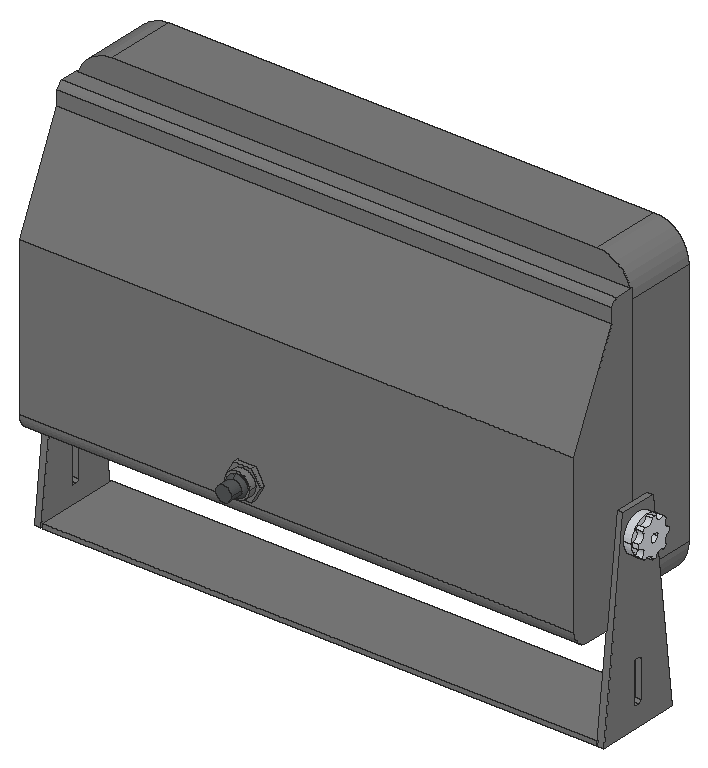
Revit family "WALL WASHER PRO_LV363WW.60", category Luminarias, Revit 2019 (continued)
Parameters (values of type "REFL_LV363WW.60")
    .59    21.93    23.28    24.62    \r\n 25.96    28.04    30.11    31.98    33.62    35.27    36.92    38.56    40.21    41.85    \r\n 43.50    44.44    45.38    46.32    47.26    48.19    49.13    50.07    50.93    51.72    \r\n 52.50    53.00    53.50    53.75    53.76    53.77    53.34    52.92    52.25    51.34    \r\n 50.43    49.30    48.18    46.90    45.48    44.05    42.62    41.20    39.77    38.34    \r\n 36.92    35.17    33.42    31.68    29.93    28.18    26.44    24.69    22.79    20.73    \r\n 18.68    17.59    16.49    15.40    14.31    13.21    12.12    11.03    9.93     8.84     \r\n 7.75     6.66     5.56     5.01     4.99     4.96     4.94     4.92     4.90     4.88     \r\n 4.86     \r\n5.45     5.93     6.42     6.91     7.40     7.89     8.38     8.87     9.75     11.02    \r\n 12.29    13.57    14.84    16.11    17.39    18.66    19.93    21.21    22.48    23.75    \r\n 25.02    26.93    28.84    30.56    32.10    33.63    35.17    36.71    38.24    39.78    \r\n 41.31    42.21    43.11    44.01    44.91    45.82    46.72    47.62    48.44    49.20    \r\n 49.95    50.42    50.90    51.14    51.14    51.15    50.73    50.32    49.68    48.81    \r\n 47.94    46.80    45.66    44.40    43.02    41.64    40.27    38.89    37.51    36.13    \r\n 34.75    33.11    31.46    29.82    28.18    26.53    24.89    23.24    21.46    19.55    \r\n 17.63    16.62    15.60    14.58    13.57    12.55    11.54    10.52    9.50     8.49     \r\n 7.47     6.45     5.44     4.92     4.91     4.90     4.89     4.88     4.87     4.86     \r\n 4.85     \r\n5.46     5.94     6.41     6.89     7.36     7.84     8.31     8.79     9.63     10.83    \r\n 12.04    13.25    14.45    15.66    16.87    18.07    19.28    20.49    21.69    22.90    \r\n 24.11    25.91    27.71    29.32    30.73    32.15    33.57    34.99    36.40    37.82    \r\n 39.24    40.11    40.98    41.85    42.73    43.60    44.47    45.34    46.15    46.89    \r\n 47.62    48.08    48.54    48.77    48.76    48.75    48.34    47.92    47.29    46.44    \r\n 45.58    44.47    43.36    42.13    40.78    39.43    38.08    36.72    35.37    34.02    \r\n 32.67    31.13    29.59    28.05    26.51    24.97    23.43    21.88    20.21    18.39    \r\n 16.58    15.64    14.70    13.77    12.83    11.90    10.96    10.02    9.09     8.15     \r\n 7.22     6.28     5.34     4.88     4.87     4.87     4.87     4.87     4.87     4.87     \r\n 4.87     \r\n5.47     5.94     6.40     6.87     7.33     7.79     8.26     8.72     9.52     10.66    \r\n 11.80    12.94    14.08    15.22    16.36    17.50    18.64    19.78    20.92    22.06    \r\n 23.20    24.91    26.62    28.13    29.44    30.74    32.05    33.36    34.66    35.97    \r\n 37.27    38.11    38.95    39.78    40.62    41.46    42.30    43.13    43.91    44.62    \r\n 45.33    45.80    46.27    46.50    46.48    46.45    46.06    45.66    45.04    44.19    \r\n 43.34    42.25    41.16    39.96    38.64    37.32    36.00    34.69    33.37    32.05    \r\n 30.73    29.28    27.83    26.38    24.92    23.47    22.02    20.57    18.98    17.26    \r\n 15.55    14.69    13.83    12.97    12.11    11.25    10.39    9.53     8.67     7.80     \r\n 6.94     6.08     5.22     4.80     4.81     4.82     4.83     4.84     4.85     4.86     \r\n 4.87     \r\n5.46     5.92     6.37     6.83     7.29     7.75     8.20     8.66     9.43     10.50    \r\n 11.57    12.65    13.72    14.80    15.87    16.94    18.02    19.09    20.16    21.24    \r\n 22.31    23.92    25.53    26.94    28.14    29.35    30.56    31.76    32.97    34.18    \r\n 35.38    36.19    37.00    37.80    38.61    39.41    40.22    41.03    41.79    42.50    \r\n 43.21    43.65    44.10    44.31    44.30    44.29    43.90    43.51    42.90    42.06    \r\n 41.22    40.16    39.09    37.91    36.63    35.34    34.05    32.76    31.48    30.19    \r\n 28.90    27.53    26.17    24.80    23.43    22.06    20.69    19.32    17.83    16.20    \r\n 14.57    13.79    13.00    12.21    11.43    10.64    9.86     9.07     8.28     7.50     \r\n 6.71     5.93     5.14     4.75     4.77     4.79     4.80     4.82     4.83     4.85     \r\n 4.87     \r\n5.47     5.92     6.36     6.81     7.26     7.71     8.15     8.60     9.33     10.33    \r\n 11.33    12.34    13.34    14.35    15.35    16.36    17.36    18.37    19.37    20.38    \r\n 21.38    22.92    24.45    25.78    26.90    28.02    29.13    30.25    31.37    32.49    \r\n 33.61    34.39    35.17    35.94    36.72    37.50    38.28    39.06    39.79    40.49    \r\n 41.19    41.62    42.05    42.27    42.28    42.28    41.90    41.51    40.90    40.07    \r\n 39.23    38.18    37.12    35.97    34.71    33.45    32.18    30.92    29.66    28.40    \r\n 27.14    25.85    24.56    23.26    21.97    20.68    19.38    18.09    16.65    15.05    \r\n 13.46    12.76    12.05    11.35    10.65    9.95     9.25     8.55     7.85     7.14     \r\n 6.44     5.74     5.04     4.70     4.73     4.75     4.77     4.80     4.82     4.85     \r\n 4.87     \r\n5.40     5.84     6.29     6.73     7.18     7.62     8.06     8.51     9.20     10.12    \r\n 11.05    11.98    12.91    13.84    14.77    15.69    16.62    17.55    18.48    19.41    \r\n 20.34    21.86    23.38    24.66    25.71    26.76    27.81    28.87    29.92    30.97    \r\n 32.02    32.76    33.50    34.24    34.98    35.73    36.47    37.21    37.92    38.60    \r\n 39.29    39.72    40.15    40.36    40.36    40.37    39.98    39.59    38.98    38.17    \r\n 37.36    36.33    35.30    34.18    32.95    31.72    30.49    29.26    28.03    26.81    \r\n 25.58    24.33    23.09    21.84    20.60    19.35    18.11    16.86    15.46    13.89    \r\n 12.32    11.70    11.09    10.47    9.85     9.24     8.62     8.01     7.39     6.78     \r\n 6.16     5.54     4.93     4.64     4.67     4.70     4.74     4.77     4.81     4.84     \r\n 4.87     \r\n5.45     5.88     6.31     6.74     7.17     7.60     8.03     8.46     9.10     9.95     \r\n 10.80    11.65    12.50    13.35    14.20    15.05    15.90    16.75    17.60    18.45    \r\n 19.31    20.80    22.29    23.53    24.53    25.53    26.53    27.52    28.52    29.52    \r\n 30.52    31.23    31.94    32.65    33.35    34.06    34.77    35.48    36.17    36.84    \r\n 37.51    37.92    38.34    38.55    38.55    38.56    38.19    37.83    37.24    36.42    \r\n 35.61    34.60    33.59    32.48    31.29    30.10    28.91    27.72    26.52    25.33    \r\n 24.14    22.91    21.68    20.46    19.23    18.00    16.78    15.55    14.22    12.79    \r\n 11.36    10.81    10.27    9.72     9.18     8.64     8.09     7.55     7.00     6.46     \r\n 5.91     5.37     4.83     4.58     4.62     4.66     4.71     4.75     4.80     4.84     \r\n 4.89     \r\n5.44     5.86     6.28     6.70     7.12     7.54     7.97     8.39     8.99     9.78     \r\n 10.57    11.36    12.15    12.94    13.73    14.52    15.30    16.09    16.88    17.67    \r\n 18.46    19.79    21.13    22.28    23.26    24.24    25.22    26.20    27.18    28.17    \r\n 29.15    29.83    30.52    31.20    31.89    32.58    33.26    33.95    34.61    35.25    \r\n 35.89    36.28    36.68    36.87    36.87    36.86    36.51    36.16    35.59    34.80    \r\n 34.02    33.03    32.04    30.95    29.78    28.61    27.44    26.27    25.10    23.93    \r\n 22.76    21.53    20.31    19.09    17.87    16.65    15.43    14.21    12.99    11.76    \r\n 10.54    10.06    9.57     9.09     8.61     8.12     7.64     7.16     6.67     6.19     \r\n 5.71     5.23     4.74     4.52     4.57     4.62     4.67     4.72     4.77     4.81     \r\n 4.86     \r\n5.45     5.86     6.28     6.69     7.11     7.52     7.94     8.35     8.92     9.66     \r\n 10.39    11.12    11.86    12.59    13.32    14.06    14.79    15.52    16.26    16.99    \r\n 17.72    18.86    19.99    21.04    22.01    22.98    23.94    24.91    25.88    26.84    \r\n 27.81    28.49    29.17    29.85    30.53    31.21    31.89    32.57    33.22    33.84    \r\n 34.46    34.84    35.22    35.41    35.42    35.43    35.07    34.71    34.15    33.40    \r\n 32.64    31.67    30.70    29.63    28.46    27.29    26.12    24.95    23.79    22.62    \r\n 21.45    20.25    19.05    17.85    16.65    15.45    14.25    13.05    11.91    10.83    \r\n 9.75     9.33     8.90     8.48     8.06     7.63     7.21     6.79     6.36     5.94     \r\n 5.52     5.10     4.67     4.49     4.54     4.60     4.65     4.71     4.77     4.82     \r\n 4.88     \r\n5.44     5.84     6.24     6.64     7.04     7.44     7.85     8.25     8.79     9.47     \r\n 10.15    10.84    11.52    12.20    12.88    13.56    14.25    14.93    15.61    16.29    \r\n 16.98    18.01    19.05    20.02    20.95    21.87    22.79    23.71    24.63    25.56    \r\n 26.48    27.16    27.84    28.52    29.20    29.88    30.56    31.24    31.89    32.51    \r\n 33.13    33.52    33.91    34.11    34.12    34.13    33.77    33.41    32.86    32.11    \r\n 31.37    30.40    29.42    28.35    27.18    26.00    24.83    23.65    22.48    21.31    \r\n 20.13    18.98    17.83    16.69    15.54    14.39    13.24    12.09    11.01    10.01    \r\n 9.00     8.63     8.26     7.89     7.53     7.16     6.79     6.42     6.05     5.68     \r\n 5.31     4.94     4.57     4.42     4.48     4.55     4.62     4.68     4.75     4.82     \r\n 4.88     \r\n5.44     5.83     6.22     6.62     7.01     7.40     7.79     8.18     8.70     9.33     \r\n 9.96     10.59    11.22    11.86    12.49    13.12    13.75    14.39    15.02    15.65    \r\n 16.28    17.24    18.20    19.11    19.96    20.82    21.68    22.53    23.39    24.24    \r\n 25.10    25.80    26.49    27.19    27.88    28.58    29.27    29.97    30.62    31.23    \r\n 31.84    32.23    32.61    32.81    32.82    32.84    32.50    32.15    31.61    30.86    \r\n 30.11    29.15    28.20    27.11    25.90    24.69    23.48    22.28    21.07    19.86    \r\n 18.65    17.57    16.49    15.42    14.34    13.26    12.19    11.11    10.11    9.20     \r\n 8.28     7.96     7.65     7.33     7.01     6.70     6.38     6.07     5.75     5.44     \r\n 5.12     4.81     4.49     4.37     4.44     4.52     4.59     4.66     4.73     4.81     \r\n 4.88     \r\n5.45     5.83     6.22     6.60     6.98     7.37     7.75     8.14     8.62     9.20     \r\n 9.77     10.35    10.92    11.50    12.08    12.65    13.23    13.80    14.38    14.96    \r\n 15.53    16.44    17.35    18.18    18.94    19.70    20.45    21.21    21.97    22.72    \r\n 23.48    24.23    24.97    25.72    26.47    27.21    27.96    28.70    29.38    29.98    \r\n 30.58    30.97    31.36    31.56    31.57    31.58    31.25    30.92    30.39    29.66    \r\n 28.93    27.96    26.99    25.88    24.63    23.37    22.12    20.86    19.61    18.36    \r\n 17.10    16.12    15.13    14.15    13.16    12.18    11.20    10.21    9.27     8.38     \r\n 7.49     7.24     6.98     6.72     6.47     6.21     5.96     5.70     5.45     5.19     \r\n 4.94     4.68     4.43     4.34     4.42     4.50     4.58     4.66     4.74     4.82     \r\n 4.90     \r\n5.46     5.83     6.21     6.58     6.96     7.34     7.71     8.09     8.54     9.07     \r\n 9.60     10.13    10.66    11.19    11.72    12.25    12.78    13.31    13.84    14.37    \r\n 14.91    15.73    16.56    17.32    18.00    18.69    19.37    20.05    20.73    21.42    \r\n 22.10    22.83    23.57    24.30    25.04    25.77    26.51    27.24    27.94    28.60    \r\n 29.26    29.67    30.08    30.30    30.32    30.35    30.00    29.66    29.11    28.35    \r\n 27.59    26.58    25.57    24.44    23.21    21.98    20.75    19.52    18.29    17.06    \r\n 15.83    14.89    13.96    13.02    12.08    11.15    10.21    9.28     8.44     7.69     \r\n 6.95     6.73     6.51     6.30     6.08     5.86     5.64     5.43     5.21     4.99     \r\n 4.77     4.56     4.34     4.27     4.36     4.45     4.54     4.63     4.72     4.80     \r\n 4.89     \r\n5.45     5.82     6.18     6.55     6.91     7.28     7.64     8.01     8.44     8.93     \r\n 9.43     9.92     10.41    10.91    11.40    11.90    12.39    12.89    13.38    13.87    \r\n 14.37    15.05    15.73    16.41    17.07    17.73    18.40    19.06    19.72    20.39    \r\n 21.05    21.71    22.38    23.04    23.71    24.37    25.03    25.70    26.36    27.01    \r\n 27.66    28.07    28.48    28.69    28.70    28.72    28.39    28.06    27.52    26.77    \r\n 26.02    25.02    24.03    22.95    21.78    20.62    19.45    18.29    17.12    15.95    \r\n 14.79    13.88    12.98    12.08    11.17    10.27    9.36     8.46     7.70     7.07     \r\n 6.45     6.27     6.09     5.91     5.73     5.55     5.37     5.19     5.01     4.83     \r\n 4.65     4.47     4.29     4.25     4.34     4.43     4.52     4.62     4.71     4.80     \r\n 4.89     \r\n5.46     5.82     6.17     6.53     6.89     7.24     7.60     7.96     8.36     8.83     \r\n 9.29     9.75     10.21    10.67    11.13    11.60    12.06    12.52    12.98    13.44    \r\n 13.90    14.51    15.12    15.73    16.34    16.96    17.57    18.19    18.80    19.42    \r\n 20.03    20.69    21.35    22.00    22.66    23.32    23.97    24.63    25.25    25.83    \r\n 26.41    26.76    27.10    27.28    27.30    27.32    27.00    26.69    26.18    25.48    \r\n 24.77    23.84    22.91    21.86    20.71    19.56    18.41    17.26    16.11    14.96    \r\n 13.81    12.95    12.09    11.23    10.38    9.52     8.66     7.80     7.09     6.53     \r\n 5.97     5.83     5.68     5.54     5.40     5.25     5.11     4.96     4.82     4.68     \r\n 4.53     4.39     4.24     4.22     4.32     4.41     4.51     4.61     4.70     4.80     \r\n 4.90     \r\n5.46     5.81     6.16     6.51     6.86     7.21     7.55     7.90     8.29     8.72     \r\n 9.15     9.58     10.01    10.44    10.87    11.30    11.73    12.17    12.60    13.03    \r\n 13.46    13.99    14.53    15.09    15.65    16.22    16.79    17.36    17.93    18.50    \r\n 19.07    19.72    20.37    21.03    21.68    22.33    22.98    23.64    24.25    24.81    \r\n 25.38    25.73    26.08    26.27    26.30    26.34    26.01    25.69    25.18    24.49    \r\n 23.80    22.87    21.94    20.90    19.75    18.60    17.45    16.30    15.15    14.00    \r\n 12.85    12.05    11.25    10.45    9.65     8.85     8.05     7.25     6.60     6.08     \r\n 5.56     5.45     5.33     5.21     5.10     4.98     4.86     4.75     4.63     4.51     \r\n 4.40     4.28     4.16     4.16     4.27     4.37     4.48     4.59     4.69     4.80     \r\n 4.91     \r\n5.46     5.80     6.14     6.48     6.81     7.15     7.49     7.83     8.20     8.61     \r\n 9.01     9.42     9.83     10.24    10.64    11.05    11.46    11.87    12.27    12.68    \r\n 13.09    13.56    14.03    14.52    15.02    15.52    16.02    16.52    17.02    17.53    \r\n 18.03    18.69    19.35    20.02    20.68    21.34    22.01    22.67    23.29    23.85    \r\n 24.42    24.76    25.11    25.28    25.30    25.31    25.01    24.71    24.22    23.54    \r\n 22.86    21.95    21.04    20.00    18.85    17.70    16.54    15.39    14.23    13.08    \r\n 11.93    11.18    10.43    9.68     8.94     8.19     7.44     6.69     6.10     5.68     \r\n 5.26     5.16     5.07     4.97     4.88     4.78     4.68     4.59     4.49     4.40     \r\n 4.30     4.21     4.11     4.12     4.23     4.35     4.46     4.58     4.69     4.81     \r\n 4.92     \r\n5.44     5.77     6.10     6.44     6.77     7.10     7.43     7.76     8.13     8.53     \r\n 8.92     9.32     9.72     10.12    10.52    10.92    11.32    11.72    12.12    12.52    \r\n 12.92    13.29    13.66    14.08    14.54    15.01    15.47    15.93    16.39    16.86    \r\n 17.32    17.94    18.55    19.17    19.79    20.40    21.02    21.64    22.23    22.79    \r\n 23.36    23.72    24.07    24.27    24.29    24.31    24.01    23.71    23.23    22.54    \r\n 21.86    20.95    20.04    19.03    17.92    16.81    15.71    14.60    13.50    12.39    \r\n 11.28    10.57    9.86     9.14     8.43     7.72     7.00     6.29     5.74     5.36     \r\n 4.98     4.90     4.83     4.75     4.67     4.59     4.52     4.44     4.36     4.29     \r\n 4.21     4.13     4.06     4.08     4.19     4.31     4.43     4.55     4.66     4.78     \r\n 4.90     \r\n5.42     5.74     6.07     6.39     6
    .72     7.04     7.37     7.69     8.04     8.42     \r\n 8.79     9.17     9.54     9.92     10.29    10.67    11.04    11.42    11.79    12.17    \r\n 12.54    12.92    13.31    13.71    14.14    14.58    15.01    15.44    15.87    16.31    \r\n 16.74    17.35    17.95    18.56    19.16    19.77    20.37    20.98    21.54    22.07    \r\n 22.60    22.92    23.24    23.41    23.43    23.46    23.16    22.87    22.40    21.75    \r\n 21.09    20.21    19.33    18.35    17.26    16.18    15.09    14.01    12.92    11.84    \r\n 10.75    10.07    9.38     8.70     8.02     7.34     6.65     5.97     5.45     5.10     \r\n 4.75     4.69     4.63     4.57     4.51     4.44     4.38     4.32     4.26     4.20     \r\n 4.13     4.07     4.01     4.04     4.17     4.29     4.42     4.55     4.67     4.80     \r\n 4.92     \r\n5.37     5.69     6.00     6.32     6.64     6.96     7.28     7.59     7.94     8.31     \r\n 8.67     9.04     9.41     9.78     10.15    10.52    10.88    11.25    11.62    11.99    \r\n 12.36    12.71    13.07    13.44    13.84    14.24    14.64    15.03    15.43    15.83    \r\n 16.23    16.83    17.42    18.02    18.62    19.22    19.82    20.42    20.97    21.49    \r\n 22.00    22.31    22.61    22.77    22.79    22.80    22.52    22.24    21.79    21.18    \r\n 20.56    19.69    18.83    17.85    16.77    15.69    14.61    13.53    12.45    11.38    \r\n 10.30    9.64     8.98     8.32     7.67     7.01     6.35     5.70     5.21     4.90     \r\n 4.59     4.54     4.48     4.43     4.38     4.32     4.27     4.22     4.16     4.11     \r\n 4.06     4.00     3.95     3.99     4.12     4.25     4.39     4.52     4.65     4.79     \r\n 4.92     \r\n5.31     5.62     5.93     6.24     6.55     6.86     7.17     7.48     7.82     8.18     \r\n 8.54     8.91     9.27     9.64     10.00    10.37    10.73    11.10    11.46    11.83    \r\n 12.19    12.52    12.86    13.21    13.59    13.97    14.36    14.74    15.12    15.50    \r\n 15.88    16.46    17.04    17.63    18.21    18.79    19.37    19.95    20.49    20.98    \r\n 21.48    21.77    22.07    22.23    22.25    22.27    21.99    21.70    21.26    20.66    \r\n 20.06    19.20    18.34    17.39    16.34    15.29    14.24    13.19    12.14    11.10    \r\n 10.05    9.40     8.76     8.12     7.47     6.83     6.19     5.54     5.08     4.79     \r\n 4.51     4.46     4.41     4.36     4.31     4.26     4.21     4.16     4.11     4.05     \r\n 4.00     3.95     3.90     3.95     4.09     4.22     4.36     4.50     4.64     4.78     \r\n 4.92     \r\n5.30     5.60     5.90     6.21     6.51     6.81     7.11     7.41     7.74     8.10     \r\n 8.45     8.81     9.16     9.52     9.87     10.23    10.58    10.94    11.30    11.65    \r\n 12.01    12.33    12.66    13.01    13.39    13.76    14.14    14.52    14.90    15.27    \r\n 15.65    16.22    16.80    17.37    17.95    18.52    19.10    19.67    20.20    20.69    \r\n 21.17    21.46    21.75    21.90    21.92    21.94    21.66    21.39    20.96    20.36    \r\n 19.77    18.93    18.09    17.15    16.11    15.06    14.02    12.98    11.94    10.90    \r\n 9.85     9.22     8.59     7.96     7.33     6.70     6.06     5.43     4.97     4.68     \r\n 4.40     4.35     4.31     4.26     4.22     4.17     4.12     4.08     4.03     3.99     \r\n 3.94     3.90     3.85     3.90     4.05     4.19     4.33     4.47     4.62     4.76     \r\n 4.90     \r\n5.34     5.62     5.91     6.20     6.48     6.77     7.05     7.34     7.65     8.00     \r\n 8.35     8.70     9.05     9.40     9.75     10.09    10.44    10.79    11.14    11.49    \r\n 11.84    12.17    12.49    12.85    13.24    13.62    14.00    14.39    14.77    15.16    \r\n 15.54    16.11    16.68    17.25    17.82    18.39    18.96    19.53    20.05    20.51    \r\n 20.98    21.26    21.54    21.68    21.70    21.72    21.44    21.17    20.75    20.19    \r\n 19.62    18.80    17.97    17.04    16.01    14.97    13.94    12.91    11.87    10.84    \r\n 9.80     9.17     8.53     7.89     7.25     6.62     5.98     5.34     4.88     4.60     \r\n 4.31     4.27     4.23     4.19     4.14     4.10     4.06     4.02     3.98     3.94     \r\n 3.90     3.85     3.81     3.87     4.01     4.16     4.31     4.46     4.61     4.75     \r\n 4.90     \r\n5.40     5.67     5.94     6.20     6.47     6.73     7.00     7.27     7.57     7.91     \r\n 8.26     8.60     8.94     9.28     9.63     9.97     10.31    10.65    11.00    11.34    \r\n 11.68    12.01    12.34    12.70    13.09    13.49    13.88    14.28    14.67    15.06    \r\n 15.46    16.03    16.61    17.18    17.75    18.33    18.90    19.48    19.99    20.46    \r\n 20.92    21.19    21.46    21.59    21.61    21.62    21.36    21.11    20.70    20.15    \r\n 19.59    18.79    17.99    17.07    16.03    14.99    13.95    12.92    11.88    10.84    \r\n 9.81     9.16     8.51     7.86     7.21     6.56     5.91     5.26     4.79     4.51     \r\n 4.22     4.18     4.14     4.10     4.06     4.02     3.98     3.94     3.90     3.86     \r\n 3.82     3.78     3.74     3.80     3.96     4.12     4.28     4.44     4.59     4.75     \r\n 4.91     \r\n5.44     5.69     5.95     6.20     6.46     6.71     6.97     7.22     7.51     7.85     \r\n 8.18     8.52     8.85     9.18     9.52     9.85     10.18    10.52    10.85    11.18    \r\n 11.52    11.84    12.17    12.53    12.94    13.35    13.75    14.16    14.57    14.98    \r\n 15.39    15.97    16.55    17.13    17.71    18.29    18.88    19.46    19.97    20.42    \r\n 20.86    21.14    21.41    21.56    21.58    21.59    21.35    21.10    20.70    20.15    \r\n 19.60    18.81    18.02    17.10    16.06    15.01    13.97    12.93    11.88    10.84    \r\n 9.80     9.14     8.48     7.83     7.17     6.51     5.86     5.20     4.73     4.44     \r\n 4.15     4.11     4.07     4.04     4.00     3.96     3.92     3.88     3.85     3.81     \r\n 3.77     3.73     3.70     3.76     3.93     4.09     4.26     4.43     4.60     4.76     \r\n 4.93     \r\n5.42     5.66     5.90     6.15     6.39     6.63     6.87     7.12     7.40     7.73     \r\n 8.05     8.38     8.71     9.03     9.36     9.69     10.02    10.34    10.67    11.00    \r\n 11.32    11.65    11.98    12.35    12.76    13.18    13.59    14.01    14.42    14.83    \r\n 15.25    15.84    16.43    17.02    17.62    18.21    18.80    19.39    19.91    20.36    \r\n 20.80    21.08    21.35    21.50    21.50    21.51    21.27    21.04    20.64    20.09    \r\n 19.54    18.77    18.00    17.09    16.05    15.00    13.96    12.91    11.87    10.82    \r\n 9.78     9.11     8.44     7.77     7.09     6.42     5.75     5.08     4.60     4.31     \r\n 4.02     3.99     3.96     3.93     3.89     3.86     3.83     3.79     3.76     3.73     \r\n 3.70     3.66     3.63     3.70     3.87     4.05     4.22     4.39     4.57     4.74     \r\n 4.92     \r\n5.37     5.61     5.85     6.09     6.33     6.57     6.81     7.05     7.33     7.64     \r\n 7.96     8.27     8.59     8.90     9.22     9.53     9.85     10.16    10.48    10.79    \r\n 11.11    11.44    11.78    12.16    12.57    12.99    13.41    13.83    14.25    14.67    \r\n 15.08    15.67    16.25    16.84    17.42    18.00    18.59    19.17    19.69    20.14    \r\n 20.58    20.86    21.13    21.28    21.29    21.31    21.08    20.86    20.48    19.96    \r\n 19.43    18.67    17.90    17.00    15.96    14.93    13.89    12.85    11.81    10.77    \r\n 9.73     9.06     8.39     7.71     7.04     6.36     5.69     5.01     4.53     4.24     \r\n 3.95     3.92     3.89     3.86     3.83     3.81     3.78     3.75     3.72     3.69     \r\n 3.67     3.64     3.61     3.68     3.86     4.03     4.21     4.38     4.56     4.74     \r\n 4.91     \r\n5.38     5.61     5.84     6.07     6.30     6.53     6.76     6.99     7.26     7.57     \r\n 7.88     8.19     8.50     8.81     9.12     9.43     9.74     10.06    10.37    10.68    \r\n 10.99    11.31    11.62    11.99    12.42    12.84    13.27    13.69    14.11    14.54    \r\n 14.96    15.56    16.15    16.75    17.34    17.94    18.53    19.13    19.64    20.07    \r\n 20.50    20.76    21.02    21.16    21.18    21.20    20.98    20.76    20.40    19.89    \r\n 19.39    18.63    17.87    16.98    15.95    14.92    13.89    12.86    11.83    10.80    \r\n 9.77     9.09     8.40     7.71     7.03     6.34     5.65     4.96     4.47     4.17     \r\n 3.87     3.84     3.82     3.80     3.78     3.76     3.74     3.72     3.70     3.67     \r\n 3.65     3.63     3.61     3.69     3.87     4.04     4.22     4.40     4.58     4.75     \r\n 4.93     \r\n5.40     5.61     5.83     6.04     6.26     6.48     6.69     6.91     7.17     7.48     \r\n 7.78     8.09     8.40     8.71     9.01     9.32     9.63     9.94     10.24    10.55    \r\n 10.86    11.18    11.50    11.88    12.32    12.76    13.19    13.63    14.07    14.50    \r\n 14.94    15.54    16.13    16.73    17.32    17.92    18.52    19.11    19.63    20.06    \r\n 20.50    20.76    21.03    21.17    21.18    21.20    20.99    20.79    20.43    19.93    \r\n 19.42    18.69    17.96    17.07    16.03    14.99    13.95    12.91    11.87    10.82    \r\n 9.78     9.09     8.40     7.70     7.01     6.32     5.62     4.93     4.43     4.13     \r\n 3.84     3.81     3.79     3.77     3.75     3.72     3.70     3.68     3.66     3.63     \r\n 3.61     3.59     3.57     3.65     3.83     4.01     4.20     4.38     4.56     4.75     \r\n 4.93     \r\n5.38     5.59     5.79     6.00     6.20     6.41     6.62     6.82     7.08     7.38     \r\n 7.69     8.00     8.30     8.61     8.91     9.22     9.53     9.83     10.14    10.45    \r\n 10.75    11.08    11.42    11.81    12.25    12.69    13.14    13.58    14.03    14.47    \r\n 14.91    15.51    16.11    16.72    17.32    17.92    18.52    19.12    19.63    20.05    \r\n 20.48    20.73    20.98    21.12    21.16    21.19    20.99    20.79    20.45    19.96    \r\n 19.47    18.74    18.02    17.14    16.11    15.07    14.04    13.01    11.98    10.95    \r\n 9.92     9.21     8.50     7.79     7.08     6.37     5.66     4.95     4.44     4.13     \r\n 3.83     3.81     3.79     3.77     3.75     3.73     3.71     3.69     3.67     3.65     \r\n 3.63     3.61     3.59     3.67     3.85     4.03     4.20     4.38     4.56     4.74     \r\n 4.92     \r\n5.42     5.61     5.80     6.00     6.19     6.38     6.58     6.77     7.02     7.32     \r\n 7.62     7.92     8.23     8.53     8.83     9.13     9.43     9.73     10.04    10.34    \r\n 10.64    10.98    11.32    11.71    12.17    12.62    13.07    13.53    13.98    14.43    \r\n 14.89    15.49    16.09    16.69    17.30    17.90    18.50    19.10    19.61    20.03    \r\n 20.44    20.71    20.99    21.13    21.14    21.16    20.97    20.77    20.44    19.97    \r\n 19.50    18.79    18.08    17.21    16.18    15.15    14.12    13.09    12.06    11.03    \r\n 9.99     9.28     8.56     7.84     7.13     6.41     5.69     4.98     4.46     4.15     \r\n 3.84     3.81     3.79     3.77     3.75     3.73     3.71     3.69     3.67     3.65     \r\n 3.62     3.60     3.58     3.66     3.84     4.02     4.20     4.38     4.56     4.74     \r\n 4.92     \r\n5.45     5.62     5.80     5.98     6.15     6.33     6.51     6.69     6.93     7.23     \r\n 7.53     7.84     8.14     8.44     8.75     9.05     9.35     9.65     9.96     10.26    \r\n 10.56    10.90    11.23    11.63    12.09    12.55    13.01    13.47    13.94    14.40    \r\n 14.86    15.46    16.06    16.67    17.27    17.88    18.48    19.08    19.59    20.01    \r\n 20.43    20.68    20.93    21.07    21.10    21.13    20.95    20.76    20.44    19.98    \r\n 19.53    18.83    18.13    17.26    16.24    15.21    14.19    13.16    12.13    11.11    \r\n 10.08    9.36     8.63     7.91     7.18     6.46     5.74     5.01     4.49     4.18     \r\n 3.86     3.84     3.82     3.79     3.77     3.75     3.72     3.70     3.68     3.65     \r\n 3.63     3.61     3.58     3.66     3.84     4.02     4.20     4.38     4.56     4.74     \r\n 4.92     \r\n"
  built-in parameter 1150137 = (empty or 0)
  built-in parameter 1150132 = (empty or 0)
  Modelo = "LV363WW.60"
  Lámpara = "CREE"
  built-in parameter 1150105 = 436.85 (stored number, unit not read)
  built-in parameter 1150102 = (empty or 0)
  built-in parameter 1150106 = 4.3685 (stored number, unit not read)
  Lumens = 5489.64 lm
  Color Filter = 16777215
  built-in parameter 1114217 = 1 (stored number, unit not read)
  built-in parameter 1150139 = (empty or 0)
  Fabricante = "BRILLANT"
  Default Elevation = 0 mm
  built-in parameter 1150104 = 4.7223 (stored number, unit not read)
  Descripción = "LUMINARIA TIPO REFLECTOR MONOCROMATICO, WALL WASHER , CUERPO EN ALUMINIO FUNDIDO A PRESION CON UN PESO DE 10.4KG, CON 453MM DE LARGO POR 333MM DE ALTURA POR 114MM DE ESPESOR, CUENTA CON 36 LED TIPO CREE CON UN CONSUMO TOTAL DE 108W, 5490 LUMENES , CON UNA TEMPERATURA EN BLANCO CALIDO DE 3000K, IP 66,  CABLE H07RN DE 1.5M, APERTURA DE 60 GRADOS POR PROYECTO, ALIMENTADA A 90-277V."
  built-in parameter 1150115 = 1 (stored number, unit not read)
  built-in parameter 1150114 = 1 (stored number, unit not read)
  Comentarios de vataje = "90-277V"
  built-in parameter 1150138 = (empty or 0)
  built-in parameter 1150134 = (empty or 0)
  Circuit [instance] = ""
  Dimming Lamp Color Temperature Shift = 1
  Archivo de red fotométrica = "LV363WW_60.IES"
  built-in parameter 1150133 = 10 (stored number, unit not read)
Reference planes
  plane 1 "Centro (Frontal/Posterior)": y = 0
  plane 2: z = 0
  plane 3 "Centro (Izquierda/Derecha)": x = 0
  plane 4: x = -226.5
  plane 5: x = 226.5
  plane 6: z = 333
  plane 7: x = 0
  plane 8: y = 57
  plane 9: y = -57
  plane 10 "IZQ": x = -39.253
Forms (mm)
  Extrusion 1, solid, material "Aluminio"
    sketch origin (0, 0, 0) x (0, 1, 0) y (0, 0, 1)
      loop
        arc (-15, 311.344) -> (-17.857, 309.228) -> (-19.973, 306.371) r 12.072
        line (-19.973, 306.371) -> (-19.973, 295.012) -> (-57, 215.607) -> (-57, 90.801)
        arc (-57, 90.801) -> (-53.222, 81.679) -> (-44.099, 77.901) r 12.901
        line (-44.099, 77.901) -> (0, 77.901) -> (0, 311.344) -> (-15, 311.344)
    from -219.911 to 221.5
  Extrusion 2, solid, material "Aluminio"
    sketch origin (0, 0, 0) x (0, 1, 0) y (0, 0, -1)
      loop
        line (34.275, 0) -> (-34.275, 0) -> (-14.671, -159.662) -> (14.671, -159.662) -> (34.275, 0)
      loop
        line (-1.599, -49.837) -> (1.599, -49.837)
        arc (1.599, -49.837) -> (3.167, -49.187) -> (3.816, -47.62) r 2.217
        line (3.816, -47.62) -> (3.816, -18.226)
        arc (3.816, -18.226) -> (3.167, -16.658) -> (1.599, -16.009) r 2.217
        line (1.599, -16.009) -> (-1.599, -16.009)
        arc (-1.599, -16.009) -> (-3.167, -16.658) -> (-3.816, -18.226) r 2.217
        line (-3.816, -18.226) -> (-3.816, -47.62)
        arc (-3.816, -47.62) -> (-3.167, -49.187) -> (-1.599, -49.837) r 2.217
    from -226.5 to -221.5
  Extrusion 3, solid, material "Aluminio"
    sketch origin (0, 0, 0) x (1, 0, 0) y (0, 1, 0)
      loop
        line (-219.911, 35) -> (-219.911, -34.275) -> (221.5, -34.275) -> (221.5, 35) -> (-219.911, 35)
    from 0 to 3.546
  Revolve 4, solid
    sketch origin (-190.028, -248.577, 269.956) x (-1, 0, 0) y (0, -1, 0)
      loop
        line (-30.028, -289.911) -> (-30.028, -286.113) -> (-40.845, -286.113)
        arc (-40.845, -286.113) -> (-35.744, -288.888) -> (-30.028, -289.911) r 18.17
      axis (-30.028, -286.113) -> (-30.028, -289.911)
    angle from 0 to 360
  Extrusion 5, solid
    sketch origin (-19.132, 0, -2.987) x (0, 1, 0) y (0, 0, -1)
      loop
        circle (0, -142.5) r 15
    from 207.368 to 214.676
  Extrusion 6, solid
    sketch origin (-19.132, 0, -81.925) x (0, 1, 0) y (0, 0, 1)
      loop
        arc (14.911, 219.803) -> (15, 221.438) -> (14.911, 223.073) r 15
        arc (14.911, 223.073) -> (10.77, 225.899) -> (11.7, 230.825) r 4.579
        arc (11.7, 230.825) -> (10.607, 232.045) -> (9.387, 233.138) r 15
        arc (9.387, 233.138) -> (4.461, 232.208) -> (1.635, 236.349) r 4.579
        arc (1.635, 236.349) -> (0, 236.438) -> (-1.635, 236.349) r 15
        arc (-1.635, 236.349) -> (-4.461, 232.208) -> (-9.387, 233.138) r 4.579
        arc (-9.387, 233.138) -> (-10.607, 232.045) -> (-11.7, 230.825) r 15
        arc (-11.7, 230.825) -> (-10.77, 225.899) -> (-14.911, 223.073) r 4.579
        arc (-14.911, 223.073) -> (-15, 221.438) -> (-14.911, 219.803) r 15
        arc (-14.911, 219.803) -> (-10.77, 216.977) -> (-11.7, 212.051) r 4.579
